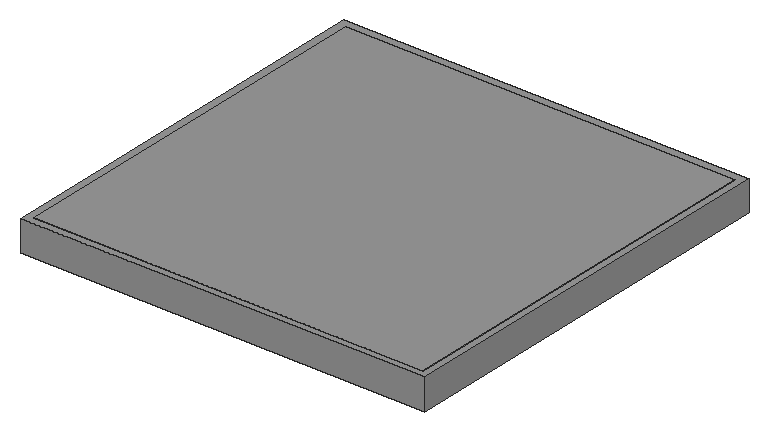
Revit family "ДВО-09 30 Вт Грильято DALI", category Осветительные приборы, Revit 2019 (continued)
Types (6, lengths in mm): name | Эффективность светильника | Файл фотометрической сетки | Тип рассеивателя | Световой поток модуля | built-in parameter 1150142 | Wattage | built-in parameter 1114217 | built-in parameter 1150134 | Lumens | built-in parameter 1150105 | Категория по ограничению яркости | built-in parameter 1150107 | built-in parameter 1150106 | Габаритная яркость | Артикул | URL
    0.9 125.8 121.5 116.3 111.9 107 102.9 98 94.1 89.7 85.9 81.7 78.2 74.4 71.2 67.6 64.7 61.6 58.9 56 53.6 51 48.9 46.5 44.7 42.8 41.1 39.5 38.4 37.1 36 35.1 34.3 33.6 32.9 32.2 31.8 31.1 30.6 30 29.5 28.8 28.2 27.5 26.7 26 25.2 24.3 23.5 22.6 21.4 20 18.6 16.9 15.2 13.4 11.8 10 8.6 6.9 5.6 4.3 3.3\r\n433.6 433.6 433.6 433.6 433.7 433.6 433.6 433.4 433.3 433.1 432.8 432.5 432.2 431.8 431.5 431 430.6 430.1 429.7 429.2 428.6 427.9 427.2 426.4 425.8 424.9 424.1 423.2 422.3 421.5 420.7 419.7 418.8 417.7 416.7 415.4 414.3 413 411.8 410.3 409 407.5 406.1 404.4 402.9 401.1 399.5 397.5 395.8 393.8 391.8 389.6 387.5 385.1 382.8 380.3 377.9 375.2 372.4 369.3 366.4 363 359.6 355.7 352.2 347.9 343.8 339 334.7 329.8 325 319.7 315.2 309.9 305.1 300 295.6 290.7 286.3 281.6 277.7 273.2 269.3 265.1 261.4 257.3 253.5 249.3 245.8 241.7 237.8 233.7 230 225.5 221.7 217.4 213.5 208.9 205.1 200.6 196.7 192 188.2 183.8 180 175.5 171.8 167.5 163.9 159.6 156 151.9 148.2 143.9 140.3 136.1 132.3 127.8 124 119.6 115.7 111.2 107.3 103.1 99.3 95 91.5 87.5 84.2 80.4 77.3 73.9 71.1 67.8 65.2 62.3 59.9 57.2 55 52.7 50.7 48.6 46.9 45 43.4 41.7 40.4 38.9 37.5 36.3 35.2 34.2 33.2 32.3 31.6 30.8 30.1 29.4 28.8 27.9 27.2 26.3 25.4 24.4 23.5 22.4 21.3 20.1 18.9 17.4 16.1 14.5 12.9 11.2 9.8 8.2 7 5.6 4.7 3.8 3.1\r\n433.7 433.7 433.8 433.8 433.8 433.8 433.7 433.5 433.3 433 432.8 432.5 432.1 431.6 431.3 430.8 430.4 429.9 429.5 428.9 428.4 427.6 426.9 426 425.3 424.4 423.6 422.5 421.7 420.8 420 419.1 418.1 417 415.9 414.6 413.4 412 410.8 409.2 407.9 406.4 405 403.3 401.7 399.9 398.2 396.1 394.3 392.1 390.1 387.7 385.4 382.8 380.3 377.5 375 372.1 369.3 366 362.9 359.3 355.8 351.8 348 343.5 339.2 334.1 329.4 324 318.8 312.9 307.8 301.9 296.5 290.7 285.7 280.2 275.2 270.1 265.8 261.1 257 252.5 248.7 244.5 240.7 236.4 232.8 228.7 224.8 220.6 216.9 212.5 208.8 204.5 200.6 196.1 192.3 187.9 184.1 179.6 175.8 171.6 167.9 163.6 159.9 155.9 152.3 148.3 144.9 141.2 137.9 134.1 130.9 127.3 124 120.2 117 113.3 110 106.1 102.8 99.1 95.8 91.9 88.8 85.3 82.5 79.1 76.4 73.4 70.9 67.9 65.6 63 60.9 58.4 56.5 54.4 52.6 50.7 49 47.3 45.7 43.9 42.4 40.6 39.1 37.5 36.1 34.8 33.5 32.5 31.5 30.4 29.6 28.7 28 27 26.1 25 24.1 22.8 21.7 20.4 19.2 17.7 16.4 14.8 13.5 12 10.6 9.1 7.9 6.4 5.4 4.3 3.7 3.2 2.8\r\n433.6 433.6 433.6 433.6 433.6 433.6 433.4 433.4 433.2 433 432.8 432.5 432.2 431.8 431.5 431.1 430.8 430.2 429.9 429.3 428.9 428.1 427.5 426.7 426.1 425.3 424.6 423.7 422.9 422.1 421.3 420.4 419.4 418.4 417.4 416.1 415 413.7 412.5 411.1 409.8 408.4 407 405.3 403.8 402.1 400.5 398.5 396.8 394.9 393 390.8 388.8 386.5 384.3 381.8 379.6 377 374.6 371.7 369.1 366 363 359.6 356.3 352.6 349 344.7 340.9 336.3 332 327.1 322.7 317.6 312.8 307.5 303 297.8 293 287.9 283.4 278.4 274 269.1 264.9 260.3 256 251.3 247.3 242.8 238.6 234.2 230.2 225.5 221.6 217.1 213 208.3 204.4 199.8 195.8 191.2 187.3 183 179.1 174.7 170.9 166.7 163.1 158.9 155.3 151.4 147.9 143.9 140.6 136.8 133.5 129.6 126.3 122.6 119.3 115.5 112.3 108.7 105.6 101.9 98.9 95.5 92.6 89.3 86.5 83.6 80.9 77.9 75.5 72.8 70.4 67.7 65.6 63.2 61.1 58.9 56.9 54.7 52.8 50.7 48.9 46.7 44.9 43 41.3 39.5 38 36.5 35.2 33.8 32.6 31.3 30.3 29.1 28 26.7 25.7 24.4 23.2 21.9 20.7 19.3 18 16.6 15.4 14 12.7 11.3 10.1 8.8 7.7 6.5 5.7 4.9 4.2\r\n433.4 433.4 433.5 433.5 433.4 433.3 433.2 433.3 433.1 433 432.8 432.6 432.3 432.1 431.8 431.4 431.2 430.6 430.4 429.7 429.3 428.7 428.2 427.4 427 426.3 425.6 424.9 424.1 423.4 422.5 421.6 420.8 419.8 418.9 417.7 416.7 415.4 414.3 412.9 411.8 410.3 408.9 407.4 405.9 404.4 402.8 401 399.3 397.6 395.9 393.9 392.3 390.2 388.4 386.1 384.2 381.9 379.8 377.4 375.3 372.6 370.1 367.4 364.7 361.7 358.7 355.4 352.3 348.6 345.2 341.2 337.6 333.2 329.2 324.4 320.3 315.3 310.7 305.6 301 295.8 291 285.7 281.1 276 271.3 266.2 261.9 256.9 252.5 247.7 243.5 238.5 234.4 229.7 225.5 220.6 216.4 211.8 207.6 202.9 198.8 194.4 190.4 185.8 181.9 177.5 173.8 169.4 165.6 161.5 157.9 153.7 150.3 146.3 142.9 138.9 135.6 131.9 128.7 125 121.9 118.4 115.4 111.9 108.9 105.7 102.8 99.5 96.7 93.7 91 87.9 85.4 82.5 79.9 77 74.7 72 69.6 67.1 64.7 62.2 59.9 57.4 55.3 52.9 50.8 48.5 46.5 44.3 42.5 40.5 38.9 37.1 35.5 34 32.6 31.2 29.8 28.4 27.3 25.9 24.7 23.3 22.2 20.9 19.7 18.4 17.2 16 14.8 13.5 12.3 11.1 10 8.8 7.7 6.6 5.6\r\n433.4 433.5 433.6 433.6 433.6 433.6 433.4 433.4 433.3 433.1 432.9 432.7 432.4 432 431.8 431.3 431 430.4 430 429.5 429 428.4 428 427.3 426.7 426 425.3 424.6 423.8 423 422.2 421.2 420.4 419.3 418.4 417.3 416.3 415 413.9 412.5 411.4 410 408.6 407 405.6 404 402.4 400.5 398.9 397 395.2 393.1 391.3 389 387.1 384.6 382.5 379.9 377.5 374.6 372 368.9 366 362.6 359.4 355.8 352.3 348.4 344.9 340.7 336.9 332.7 328.9 324.5 320.5 315.9 312.1 307.5 303.3 298.7 294.6 290 285.7 281.1 277 272.4 268.2 263.7 259.7 255.1 251 246.4 242.5 237.7 233.7 229.2 225.1 220.4 216.4 211.8 207.8 203.1 199 194.6 190.6 185.9 181.9 177.4 173.4 168.7 164.7 160.2 156.3 151.6 147.8 143.3 139.5 134.9 131.1 126.7 123 118.6 114.9 110.8 107.2 103.1 99.8 96 92.8 89.1 86.2 82.9 80.1 76.9 74.4 71.6 69.1 66.4 64.2 61.8 59.7 57.5 55.6 53.6 51.8 49.9 48.3 46.6 45.1 43.5 42.1 40.6 39.3 38 36.9 35.6 34.5 33.3 32.3 31.1 30.1 28.8 27.8 26.5 25.3 24 22.8 21.4 20.1 18.7 17.4 15.9 14.6 13.1 11.7 10.3 8.9 7.5 6.4 5.2 4.4\r\n433.4 433.6 433.7 433.8 433.7 433.8 433.6 433.6 433.5 433.2 433 432.7 432.5 432 431.8 431.1 430.7 430.2 429.7 429.2 428.7 428.2 427.7 427.1 426.5 425.8 425.1 424.3 423.5 422.5 421.8 420.7 419.9 418.8 418 416.9 415.9 414.7 413.6 412.2 411 409.6 408.2 406.7 405.2 403.6 402 400 398.4 396.4 394.5 392.3 390.4 387.9 385.7 383.2 380.7 377.9 375.1 371.9 368.8 365.3 361.8 357.8 354.2 349.9 345.9 341.4 337.4 332.8 328.7 324.1 320.2 315.8 311.8 307.5 303.8 299.7 295.8 291.8 288.2 284.1 280.4 276.5 272.9 268.8 265.1 261.1 257.5 253.3 249.5 245.2 241.4 236.9 233.1 228.7 224.8 220.1 216.3 211.8 207.9 203.3 199.3 194.8 190.8 186 181.9 177.2 173.1 168 163.8 158.9 154.7 149.6 145.3 140.3 136 130.9 126.6 121.6 117.3 112.2 107.9 103.1 99.1 94.3 90.6 86.4 82.8 78.8 75.7 72.1 69.2 66 63.4 60.6 58.3 55.8 53.8 51.6 49.8 48 46.5 44.9 43.6 42.3 41.3 40.2 39.3 38.4 37.7 36.9 36.2 35.4 34.8 34.1 33.4 32.6 31.9 31.1 30.3 29.2 28.3 27.2 26 24.7 23.4 22 20.5 19 17.5 15.8 14.3 12.6 11.1 9.4 7.8 6.2 5 3.9 3.2\r\n433.4 433.6 433.6 433.6 433.6 433.6 433.5 433.5 433.4 433.2 432.9 432.7 432.4 432 431.7 431.2 430.8 430.3 429.8 429.3 428.7 428.2 427.7 427 426.4 425.6 424.9 424.1 423.2 422.4 421.6 420.5 419.7 418.6 417.8 416.6 415.5 414.3 413.2 411.8 410.5 409.1 407.7 406.1 404.7 403 401.4 399.5 397.8 395.9 394 391.9 390 387.7 385.6 383.1 380.7 378.1 375.3 372.3 369.4 366 362.6 358.7 355.3 351 347.1 342.7 338.7 334.1 330 325.3 321.3 316.8 312.7 308.4 304.7 300.5 296.6 292.5 288.9 284.8 281 277.1 273.5 269.5 265.8 261.7 258.2 254 250.2 245.9 242.2 237.7 233.9 229.5 225.6 221 217.1 212.6 208.6 203.9 199.9 195.5 191.5 186.7 182.8 178.2 174.2 169.4 165.4 160.8 156.6 151.7 147.5 142.6 138.3 133.1 128.8 123.7 119.4 114.2 109.9 105.1 101 96.2 92.3 88 84.4 80.2 76.9 73.3 70.2 66.8 64.1 61.1 58.6 55.9 53.7 51.3 49.3 47.3 45.6 43.8 42.4 40.9 39.8 38.7 37.7 36.8 36 35.2 34.6 33.8 33.3 32.6 32 31.3 30.7 29.9 29.2 28.4 27.5 26.6 25.6 24.5 23.5 22.3 21 19.5 18.1 16.4 14.7 13 11.4 9.7 8.2 6.6 5.3 4.1 3.3\r\n433.4 433.5 433.5 433.5 433.6 433.5 433.4 433.3 433.2 433.1 432.8 432.6 432.3 432 431.6 431.3 430.9 430.4 429.9 429.5 428.8 428.3 427.6 426.9 426.3 425.4 424.7 423.9 423 422.2 421.3 420.3 419.5 418.4 417.5 416.2 415.2 413.9 412.8 411.4 410.1 408.6 407.2 405.5 404.1 402.4 400.8 399 397.2 395.4 393.6 391.5 389.6 387.4 385.4 383 380.8 378.2 375.6 372.7 369.9 366.6 363.5 359.6 356.3 352.2 348.3 344 340 335.5 331.3 326.5 322.5 317.8 313.7 309.4 305.6 301.3 297.4 293.1 289.5 285.4 281.7 277.7 274.1 270.1 266.4 262.3 258.8 254.7 250.9 246.7 243 238.5 234.7 230.3 226.5 221.8 217.8 213.3 209.3 204.5 200.6 196.1 192.2 187.5 183.7 179.2 175.4 170.9 167.1 162.6 158.6 153.8 149.7 144.9 140.5 135.3 130.9 125.8 121.5 116.3 111.9 107 102.9 98 94.1 89.7 85.9 81.7 78.2 74.4 71.2 67.6 64.7 61.6 58.9 56 53.6 51 48.9 46.5 44.7 42.8 41.1 39.5 38.4 37.1 36 35.1 34.3 33.6 32.9 32.2 31.8 31.1 30.6 30 29.5 28.8 28.2 27.5 26.7 26 25.2 24.3 23.5 22.6 21.4 20 18.6 16.9 15.2 13.4 11.8 10 8.5 6.9 5.6 4.3 3.3\r\n433.6 433.6 433.6 433.6 433.7 433.6 433.6 433.4 433.3 433.1 432.8 432.5 432.2 431.8 431.5 431 430.6 430.1 429.7 429.2 428.6 427.9 427.2 426.4 425.8 424.9 424.1 423.2 422.3 421.5 420.7 419.7 418.8 417.7 416.7 415.4 414.3 413 411.8 410.3 409 407.5 406.1 404.4 402.9 401.1 399.5 397.5 395.8 393.8 391.8 389.6 387.5 385.1 382.8 380.3 377.9 375.2 372.4 369.3 366.4 363 359.6 355.7 352.2 347.9 343.8 339 334.7 329.8 325 319.7 315.1 309.9 305.1 300 295.6 290.7 286.3 281.6 277.7 273.2 269.3 265.1 261.4 257.3 253.5 249.3 245.8 241.7 237.8 233.7 230 225.5 221.7 217.4 213.5 208.9 205.1 200.6 196.7 192 188.2 183.8 180 175.5 171.8 167.5 163.9 159.6 156 151.9 148.2 143.9 140.3 136.1 132.3 127.8 124 119.6 115.7 111.2 107.3 103.1 99.3 95 91.5 87.5 84.2 80.4 77.3 73.9 71.1 67.8 65.2 62.3 59.9 57.2 55 52.7 50.7 48.6 46.9 45 43.4 41.7 40.4 38.9 37.5 36.3 35.2 34.2 33.2 32.3 31.6 30.8 30.1 29.4 28.8 27.9 27.2 26.3 25.4 24.4 23.5 22.4 21.3 20.1 18.9 17.4 16.1 14.5 12.9 11.2 9.8 8.2 7 5.6 4.7 3.8 3.1\r\n433.7 433.7 433.8 433.8 433.8 433.8 433.7 433.5 433.3 433 432.8 432.5 432.1 431.6 431.3 430.8 430.4 429.9 429.5 428.9 428.4 427.6 426.9 426 425.3 424.4 423.6 422.5 421.7 420.8 420 419.1 418.1 417 415.9 414.6 413.4 412 410.8 409.2 407.9 406.4 405 403.3 401.7 399.9 398.2 396.1 394.3 392.1 390.1 387.7 385.4 382.8 380.3 377.5 375 372.1 369.3 366 362.9 359.3 355.8 351.8 348 343.5 339.2 334.1 329.4 324 318.8 312.9 307.8 301.9 296.5 290.7 285.7 280.2 275.2 270.1 265.8 261.1 257 252.5 248.7 244.5 240.7 236.4 232.8 228.7 224.8 220.6 216.9 212.5 208.8 204.5 200.6 196.1 192.3 187.9 184.1 179.6 175.8 171.6 167.9 163.6 159.9 155.9 152.3 148.3 144.9 141.2 137.9 134.1 130.9 127.3 124 120.2 117 113.3 110 106.1 102.8 99.1 95.8 91.9 88.8 85.3 82.5 79.1 76.4 73.4 70.9 67.9 65.6 63 60.9 58.4 56.5 54.4 52.6 50.7 49 47.3 45.7 43.9 42.4 40.6 39.1 37.5 36.1 34.8 33.5 32.5 31.5 30.4 29.6 28.7 28 27 26.1 25 24.1 22.8 21.7 20.4 19.2 17.7 16.4 14.8 13.5 12 10.6 9.1 7.9 6.4 5.4 4.3 3.7 3.2 2.8\r\n                                                                                                                                                                                    \r\n                                                                                                                                                                                    \r\n433.7 433.7 433.8 433.8 433.8 433.8 433.7 433.5 433.3 433 432.8 432.5 432.1 431.6 431.3 430.8 430.4 429.9 429.5 428.9 428.4 427.6 426.9 426 425.3 424.4 423.6 422.5 421.7 420.8 420 419.1 418.1 417 415.9 414.6 413.4 412 410.8 409.2 407.9 406.4 405 403.3 401.7 399.9 398.2 396.1 394.3 392.1 390.1 387.7 385.4 382.8 380.3 377.5 375 372.1 369.3 366 362.9 359.3 355.8 351.8 348 343.5 339.2 334.1 329.4 324 318.8 312.9 307.8 301.9 296.5 290.7 285.7 280.2 275.2 270.1 265.8 261.1 257 252.5 248.7 244.5 240.7 236.4 232.8 228.7 224.8 220.6 216.9 212.5 208.8 204.5 200.6 196.1 192.3 187.9 184.1 179.6 175.8 171.6 167.9 163.6 159.9 155.9 152.3 148.3 144.9 141.2 137.9 134.1 130.9 127.3 124 120.2 117 113.3 110 106.1 102.8 99.1 95.8 91.9 88.8 85.3 82.5 79.1 76.4 73.4 70.9 67.9 65.6 63 60.9 58.4 56.5 54.4 52.6 50.7 49 47.3 45.7 43.9 42.4 40.6 39.1 37.5 36.1 34.8 33.5 32.5 31.5 30.4 29.6 28.7 28 27 26.1 25 24.1 22.8 21.7 20.4 19.2 17.7 16.4 14.8 13.5 12 10.6 9.1 7.9 6.4 5.4 4.3 3.7 3.2 2.8\r\n433.6 433.6 433.6 433.6 433.7 433.6 433.6 433.4 433.3 433.1 432.8 432.5 432.2 431.8 431.5 431 430.6 430.1 429.7 429.2 428.6 427.9 427.2 426.4 425.8 424.9 424.1 423.2 422.3 421.5 420.7 419.7 418.8 417.7 416.7 415.4 414.3 413 411.8 410.3 409 407.5 406.1 404.4 402.9 401.1 399.5 397.5 395.8 393.8 391.8 389.6 387.5 385.1 382.8 380.3 377.9 375.2 372.4 369.3 366.4 363 359.6 355.7 352.2 347.9 343.8 339 334.7 329.8 325 319.7 315.1 309.9 305.1 300 295.6 290.7 286.3 281.6 277.7 273.2 269.3 265.1 261.4 257.3 253.5 249.3 245.8 241.7 237.8 233.7 230 225.5 221.7 217.4 213.5 208.9 205.1 200.6 196.7 192 188.2 183.8 180 175.5 171.8 167.5 163.9 159.6 156 151.9 148.2 143.9 140.3 136.1 132.3 127.8 124 119.6 115.7 111.2 107.3 103.1 99.3 95 91.5 87.5 84.2 80.4 77.3 73.9 71.1 67.8 65.2 62.3 59.9 57.2 55 52.7 50.7 48.6 46.9 45 43.4 41.7 40.4 38.9 37.5 36.3 35.2 34.2 33.2 32.3 31.6 30.8 30.1 29.4 28.8 27.9 27.2 26.3 25.4 24.4 23.5 22.4 21.3 20.1 18.9 17.4 16.1 14.5 12.9 11.2 9.8 8.2 7 5.6 4.7 3.8 3.1\r\n433.4 433.5 433.5 433.5 433.6 433.5 433.4 433.3 433.2 433.1 432.8 432.6 432.3 432 431.6 431.3 430.9 430.4 429.9 429.5 428.8 428.3 427.6 426.9 426.3 425.4 424.7 423.9 423 422.2 421.3 420.3 419.5 418.4 417.5 416.2 415.2 413.9 412.8 411.4 410.1 408.6 407.2 405.5 404.1 402.4 400.8 399 397.2 395.4 393.6 391.5 389.6 387.4 385.4 383 380.8 378.2 375.6 372.7 369.9 366.6 363.5 359.6 356.3 352.2 348.3 344 340 335.5 331.3 326.5 322.5 317.8 313.7 309.4 305.6 301.3 297.4 293.1 289.5 285.4 281.7 277.7 274.1 270.1 266.4 262.3 258.8 254.7 250.9 246.7 243 238.5 234.7 230.3 226.5 221.8 217.8 213.3 209.3 204.5 200.6 196.1 192.2 187.5 183.7 179.2 175.4 170.9 167.1 162.6 158.6 153.8 149.7 144.9 140.5 135.3 130.9 125.8 121.5 116.3 111.9 107 102.9 98 94.1 89.7 85.9 81.7 78.2 74.4 71.2 67.6 64.7 61.6 58.9 56 53.6 51 48.9 46.5 44.7 42.8 41.1 39.5 38.4 37.1 36 35.1 34.3 33.6 32.9 32.2 31.8 31.1 30.6 30 29.5 28.8 28.2 27.5 26.7 26 25.2 24.3 23.5 22.6 21.4 20 18.6 16.9 15.2 13.4 11.8 10 8.5 6.9 5.6 4.3 3.3\r\n433.4 433.6 433.6 433.6 433.6 433.6 433.5 433.5 433.4 433.2 432.9 432.7 432.4 432 431.7 431.2 430.8 430.3 429.8 429.3 428.7 428.2 427.7 427 426.4 425.6 424.9 424.1 423.2 422.4 421.6 420.5 419.7 418.6 417.8 416.6 415.5 414.3 413.2 411.8 410.5 409.1 407.7 406.1 404.7 403 401.4 399.5 397.8 395.9 394 391.9 390 387.7 385.6 383.1 380.7 378.1 375.3 372.3 369.4 366 362.6 358.7 355.3 351 347.1 342.7 338.7 334.1 330 325.3 321.3 316.8 312.7 308.4 304.7 300.5 296.6 292.5 288.9 284.8 281 277.1 273.5 269.5 265.8 261.7 258.2 254 250.2 245.9 242.2 237.7 233.9 229.5 225.6 221 217.1 212.6 208.6 203.9 199.9 195.5 191.5 186.7 182.8 178.2 174.2 169.4 165.4 160.8 156.6 151.7 147.5 142.6 138.3 133.1 128.8 123.7 119.4 114.2 109.9 105.1 101 96.2 92.3 88 84.4 80.2 76.9 73.3 70.2 66.8 64.1 61.1 58.6 55.9 53.7 51.3 49.3 47.3 45.6 43.8 42.4 40.9 39.8 38.7 37.7 36.8 36 35.2 34.6 33.8 33.3 32.6 32 31.3 30.7 29.9 29.2 28.4 27.5 26.6 25.6 24.5 23.5 22.3 21 19.5 18.1 16.4 14.7 13 11.4 9.7 8.2 6.6 5.3 4.1 3.3\r\n433.4 433.6 433.7 433.8 433.7 433.8 433.6 433.6 433.5 433.2 433 432.7 432.5 432 431.8 431.1 430.7 430.2 429.7 429.2 428.7 428.2 427.7 427.1 426.5 425.8 425.1 424.3 423.5 422.5 421.8 420.7 419.9 418.8 418 416.9 415.9 414.7 413.6 412.2 411 409.6 408.2 406.7 405.2 403.6 402 400 398.4 396.4 394.5 392.3 390.4 387.9 385.7 383.2 380.7 377.9 375.1 371.9 368.8 365.3 361.8 357.8 354.2 349.9 345.9 341.4 337.4 332.8 328.7 324.1 320.2 315.8 311.8 307.5 303.8 299.7 295.8 291.8 288.2 284.1 280.4 276.5 272.9 268.8 265.1 261.1 257.5 253.3 249.5 245.2 241.4 236.9 233.1 228.7 224.8 220.1 216.3 211.8 207.9 203.3 199.3 194.8 190.8 186 181.9 177.2 173.1 168 163.8 158.9 154.7 149.6 145.3 140.3 136 130.9 126.6 121.6 117.3 112.2 107.9 103.1 99.1 94.3 90.6 86.4 82.8 78.8 75.7 72.1 69.2 66 63.4 60.6 58.3 55.8 53.8 51.6 49.8 48 46.5 44.9 43.6 42.3 41.3 40.2 39.3 38.4 37.7 36.9 36.2 35.4 34.8 34.1 33.4 32.6 31.9 31.1 30.3 29.2 28.3 27.2 26 24.7 23.4 22 20.5 19 17.5 15.8 14.3 12.6 11.1 9.4 7.8 6.2 5 3.9 3.2\r\n433.4 433.5 433.6 433.6 433.6 433.6 433.4 433.4 433.3 433.1 432.9 432.7 432.4 432 431.8 431.3 431 430.4 430 429.5 429 428.4 428 427.3 426.7 426 425.3 424.6 423.8 423 422.2 421.2 420.4 419.3 418.4 417.3 416.3 415 413.9 412.5 411.4 410 408.6 407 405.6 404 402.4 400.5 398.9 397 395.2 393.1 391.3 389 387.1 384.6 382.5 379.9 377.5 374.6 372 368.9 366 362.6 359.4 355.8 352.3 348.4 344.9 340.7 336.9 332.7 328.9 324.5 320.5 315.9 312.1 307.5 303.3 298.7 294.6 290 285.7 281.1 277 272.4 268.2 263.
